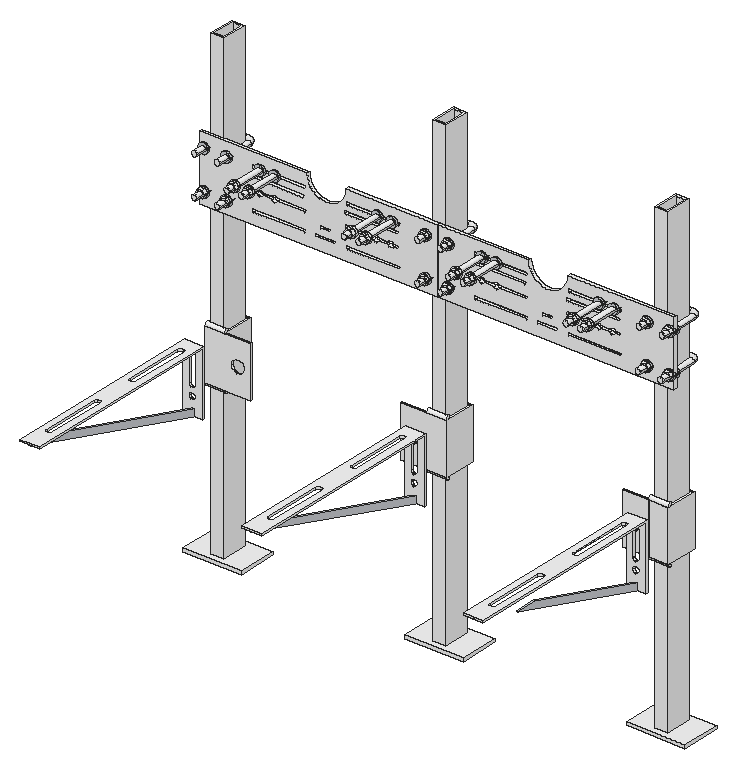
Revit family "Plumbing Fixture-Water_Closet_Carrier_Mifab_MC-35", category Plumbing Fixtures, host Face, Revit 2013
Parameters
  WFU = 0
  URL = "www.mifab.com"
  Model = "MC-35"
  Manufacturer = "MIFAB"
  Floor Drain Material = Paint - Sherwin Williams Paint - #952C2A - Bellwood Red
  Description = "Hanger Plate And Exposed Arm Lavatory Carrier With Three Uprights"
  Default Elevation = 0.000"
  Assembly Code = ""
Reference planes (in)
  plane 1 "Center (Front/Back)": y = 0
  plane 2: z = 0
  plane 3 "Center (Left/Right)": x = 0
Forms (in)
  Extrusion 1, solid, material "Paint - Sherwin Williams Paint - #952C2A - Bellwood Red" <- "Floor Drain Material"
    sketch origin (0, 0, 0.64334) x (1, 0, 0) y (0, 1, 0)
      loop
        line (-10.75, 1.5) -> (-10.75, -1.5) -> (-6.25, -1.5) -> (-6.25, 1.5) -> (-10.75, 1.5)
      loop
        line (10.75, 1.5) -> (6.25, 1.5) -> (6.25, -1.5) -> (10.75, -1.5) -> (10.75, 1.5)
      loop
        line (27.75, 1.5) -> (23.25, 1.5) -> (23.25, -1.5) -> (27.75, -1.5) -> (27.75, 1.5)
    from -0.64334 to -0.39334
  Extrusion 2, solid, material "Paint - Sherwin Williams Paint - #952C2A - Bellwood Red" <- "Floor Drain Material"
    sketch origin (0, 0, -0.64334) x (1, 0, 0) y (0, 1, 0)
      loop
        line (-9, 1) -> (-9, -1) -> (-8, -1) -> (-8, 1) -> (-9, 1)
      loop
        line (9, 1) -> (8, 1) -> (8, -1) -> (9, -1) -> (9, 1)
      loop
        line (-8.875, 0.875) -> (-8.875, -0.875) -> (-8.125, -0.875) -> (-8.125, 0.875) -> (-8.875, 0.875)
      loop
        line (8.875, 0.875) -> (8.125, 0.875) -> (8.125, -0.875) -> (8.875, -0.875) -> (8.875, 0.875)
      loop
        line (26, 1) -> (25, 1) -> (25, -1) -> (26, -1) -> (26, 1)
      loop
        line (25.875, 0.875) -> (25.125, 0.875) -> (25.125, -0.875) -> (25.875, -0.875) -> (25.875, 0.875)
    from 0.89334 to 36.64334
  Extrusion 3, solid, material "Paint - Sherwin Williams Paint - #952C2A - Bellwood Red" <- "Floor Drain Material"
    sketch origin (0.04675, -1.5, -10) x (1, 0, 0) y (0, 0, 1)
      loop
        line (-9.75, 39.14334) -> (-9.75, 34.14334) -> (8.51595, 34.14334) -> (8.51595, 39.14334) -> (1.5, 39.14334)
        arc (1.5, 39.14334) -> (0, 37.64334) -> (-1.5, 39.14334) r 1.5
        line (-1.5, 39.14334) -> (-9.75, 39.14334)
      loop
        circle (9.37144, 38.14334) r 0.25
      loop
        circle (7.62856, 38.14334) r 0.25
      loop
        circle (-9.37144, 38.14334) r 0.25
      loop
        circle (-7.62856, 38.14334) r 0.25
      loop
        line (5.54399, 38.26834) -> (5.275, 38.26834) -> (1.66899, 38.26834)
        arc (1.66899, 38.26834) -> (1.54399, 38.14334) -> (1.66899, 38.01834) r 0.125
        line (1.66899, 38.01834) -> (5.27785, 38.01834) -> (5.54399, 38.01834)
        arc (5.54399, 38.01834) -> (5.66899, 38.14334) -> (5.54399, 38.26834) r 0.125
      loop
        arc (-5.54399, 38.26834) -> (-5.66899, 38.14334) -> (-5.54399, 38.01834) r 0.125
        line (-5.54399, 38.01834) -> (-5.27785, 38.01834) -> (-1.66899, 38.01834)
        arc (-1.66899, 38.01834) -> (-1.54399, 38.14334) -> (-1.66899, 38.26834) r 0.125
        line (-1.66899, 38.26834) -> (-5.275, 38.26834) -> (-5.54399, 38.26834)
      loop
        circle (9.37144, 35.14334) r 0.25
      loop
        circle (7.62856, 35.14334) r 0.25
      loop
        circle (-9.37144, 35.14334) r 0.25
      loop
        circle (-7.62856, 35.14334) r 0.25
      loop
        arc (5.54399, 35.01834) -> (5.66899, 35.14334) -> (5.54399, 35.26834) r 0.125
        line (5.54399, 35.26834) -> (1.66899, 35.26834)
        arc (1.66899, 35.26834) -> (1.54399, 35.14334) -> (1.66899, 35.01834) r 0.125
        line (1.66899, 35.01834) -> (5.54399, 35.01834)
      loop
        line (-5.54399, 35.01834) -> (-3.725, 35.01834) -> (-1.66899, 35.01834)
        arc (-1.66899, 35.01834) -> (-1.54399, 35.14334) -> (-1.66899, 35.26834) r 0.125
        line (-1.66899, 35.26834) -> (-3.72215, 35.26834) -> (-5.54399, 35.26834)
        arc (-5.54399, 35.26834) -> (-5.66899, 35.14334) -> (-5.54399, 35.01834) r 0.125
      loop
        arc (-5.54399, 36.64334) -> (-5.66899, 36.51834) -> (-5.54399, 36.39334) r 0.125
        line (-5.54399, 36.39334) -> (-5.27785, 36.39334)
        arc (-5.27785, 36.39334) -> (-5.05994, 36.26587) -> (-4.84203, 36.39334) r 0.25
        line (-4.84203, 36.39334) -> (-4.15797, 36.39334)
        arc (-4.15797, 36.39334) -> (-3.94006, 36.26587) -> (-3.72215, 36.39334) r 0.25
        line (-3.72215, 36.39334) -> (-1.66899, 36.39334)
        arc (-1.66899, 36.39334) -> (-1.54399, 36.51834) -> (-1.66899, 36.64334) r 0.125
        line (-1.66899, 36.64334) -> (-3.725, 36.64334)
        arc (-3.725, 36.64334) -> (-3.94006, 36.76587) -> (-4.15512, 36.64334) r 0.25
        line (-4.15512, 36.64334) -> (-4.84488, 36.64334)
        arc (-4.84488, 36.64334) -> (-5.05994, 36.76587) -> (-5.275, 36.64334) r 0.25
        line (-5.275, 36.64334) -> (-5.54399, 36.64334)
      loop
        line (5.41405, 37.625) -> (5.14506, 37.625) -> (1.53905, 37.625)
        arc (1.53905, 37.625) -> (1.41405, 37.5) -> (1.53905, 37.375) r 0.125
        line (1.53905, 37.375) -> (5.14791, 37.375) -> (5.41405, 37.375)
        arc (5.41405, 37.375) -> (5.53905, 37.5) -> (5.41405, 37.625) r 0.125
      loop
        arc (-5.67393, 37.625) -> (-5.79893, 37.5) -> (-5.67393, 37.375) r 0.125
        line (-5.67393, 37.375) -> (-5.40779, 37.375) -> (-1.79893, 37.375)
        arc (-1.79893, 37.375) -> (-1.67393, 37.5) -> (-1.79893, 37.625) r 0.125
        line (-1.79893, 37.625) -> (-5.40494, 37.625) -> (-5.67393, 37.625)
      loop
        line (5.45049, 36.64334) -> (5.1815, 36.64334)
        arc (5.1815, 36.64334) -> (4.96643, 36.76587) -> (4.75137, 36.64334) r 0.25
        line (4.75137, 36.64334) -> (4.06162, 36.64334)
        arc (4.06162, 36.64334) -> (3.84656, 36.76587) -> (3.63149, 36.64334) r 0.25
        line (3.63149, 36.64334) -> (1.57549, 36.64334)
        arc (1.57549, 36.64334) -> (1.45049, 36.51834) -> (1.57549, 36.39334) r 0.125
        line (1.57549, 36.39334) -> (3.62864, 36.39334)
        arc (3.62864, 36.39334) -> (3.84656, 36.26587) -> (4.06447, 36.39334) r 0.25
        line (4.06447, 36.39334) -> (4.74852, 36.39334)
        arc (4.74852, 36.39334) -> (4.96643, 36.26587) -> (5.18435, 36.39334) r 0.25
        line (5.18435, 36.39334) -> (5.45049, 36.39334)
        arc (5.45049, 36.39334) -> (5.57549, 36.51834) -> (5.45049, 36.64334) r 0.125
      loop
        arc (-0.70997, 35.26834) -> (-0.83497, 35.14334) -> (-0.70997, 35.01834) r 0.125
        line (-0.70997, 35.01834) -> (0.61647, 35.01834)
        arc (0.61647, 35.01834) -> (0.74147, 35.14334) -> (0.61647, 35.26834) r 0.125
        line (0.61647, 35.26834) -> (-0.70997, 35.26834)
      loop
        arc (-0.32934, 35.95824) -> (-0.45434, 35.83324) -> (-0.32934, 35.70824) r 0.125
        line (-0.32934, 35.70824) -> (0.23583, 35.70824)
        arc (0.23583, 35.70824) -> (0.36083, 35.83324) -> (0.23583, 35.95824) r 0.125
        line (0.23583, 35.95824) -> (-0.32934, 35.95824)
    from -0.5 to -0.25
  Sweep 4, solid, material "Paint - Sherwin Williams Paint - #952C2A - Bellwood Red" <- "Floor Drain Material"
    path origin (0.04675, 0, -9.51645) x (1, 0, 0) y (0, 1, 0)
      loop
        line (-9.37144, -2.1899) -> (-9.37144, 0.8101)
        arc (-9.37144, 0.8101) -> (-9.2426, 1.12116) -> (-8.93154, 1.25) r 0.4399
        line (-8.93154, 1.25) -> (-8.06846, 1.25)
        arc (-8.06846, 1.25) -> (-7.7574, 1.12116) -> (-7.62856, 0.8101) r 0.4399
        line (-7.62856, 0.8101) -> (-7.62856, -2.1899)
    profile origin (-9.32469, -0.6899, -9.51645) x (-1, 0, 0) y (0, 0, 1)
      loop
        circle (0, 37.63699) r 0.2
  Sweep 5, solid, material "Paint - Sherwin Williams Paint - #952C2A - Bellwood Red" <- "Floor Drain Material"
    path origin (0.05085, 0.11634, -9.50995) x (-1, 0, 0) y (0, 1, 0)
      loop
        line (-9.37144, -2.1899) -> (-9.37144, 0.8101)
        arc (-9.37144, 0.8101) -> (-9.2426, 1.12116) -> (-8.93154, 1.25) r 0.4399
        line (-8.93154, 1.25) -> (-8.06846, 1.25)
        arc (-8.06846, 1.25) -> (-7.7574, 1.12116) -> (-7.62856, 0.8101) r 0.4399
        line (-7.62856, 0.8101) -> (-7.62856, -2.1899)
    profile origin (9.42229, -0.57356, -9.50995) x (-1, 0, 0) y (0, 0, 1)
      loop
        circle (0, 37.63699) r 0.2
  Extrusion 6, solid
    sketch origin (0.04675, 0, -8.12747) x (1, 0, 0) y (0, 0, 1)
      loop
        circle (-9.37144, 36.25) r 0.37861
      loop
        circle (-7.62856, 36.25) r 0.37861
      loop
        circle (7.62856, 36.25) r 0.37861
      loop
        circle (9.37144, 36.25) r 0.37861
    from 1.25 to 1.375
  Extrusion 7, solid
    sketch origin (0.04675, -2.25, -8.12747) x (1, 0, 0) y (0, 0, -1)
      loop
        circle (-9.37144, -36.25) r 0.37861
      loop
        circle (-7.62856, -36.25) r 0.37861
      loop
        circle (7.62856, -36.25) r 0.37861
      loop
        circle (9.37144, -36.25) r 0.37861
    from 1.25 to 1.375
  Extrusion 8, solid, material "Paint - Sherwin Williams Paint - #952C2A - Bellwood Red" <- "Floor Drain Material"
    sketch origin (0.04675, 0, -9.5) x (1, 0, 0) y (0, 0, 1)
      loop
        circle (-3.94006, 37.62253) r 0.2
      loop
        circle (-5.05994, 37.62253) r 0.2
      loop
        circle (3.94006, 37.62253) r 0.2
      loop
        circle (5.05994, 37.62253) r 0.2
    from 0.73281 to 4.48435
  Extrusion 9, solid, material "Paint - Sherwin Williams Paint - #952C2A - Bellwood Red" <- "Floor Drain Material"
    sketch origin (4.35826, -2.4273, -11.05033) x (1, 0, 0) y (0, 0, 1)
      loop
        line (-9.19891, 39.47169) -> (-9.54397, 39.47169) -> (-9.7165, 39.17286) -> (-9.54397, 38.87403) -> (-9.19891, 38.87403) -> (-9.02638, 39.17286) -> (-9.19891, 39.47169)
      loop
        circle (-9.37144, 39.17286) r 0.2
      loop
        line (-8.07903, 39.47169) -> (-8.42409, 39.47169) -> (-8.59662, 39.17286) -> (-8.42409, 38.87403) -> (-8.07903, 38.87403) -> (-7.90651, 39.17286) -> (-8.07903, 39.47169)
      loop
        circle (-8.25156, 39.17286) r 0.2
      loop
        line (-0.19891, 39.47169) -> (-0.54397, 39.47169) -> (-0.7165, 39.17286) -> (-0.54397, 38.87403) -> (-0.19891, 38.87403) -> (-0.02638, 39.17286) -> (-0.19891, 39.47169)
      loop
        circle (-0.37144, 39.17286) r 0.2
      loop
        line (0.92097, 39.47169) -> (0.57591, 39.47169) -> (0.40338, 39.17286) -> (0.57591, 38.87403) -> (0.92097, 38.87403) -> (1.09349, 39.17286) -> (0.92097, 39.47169)
      loop
        circle (0.74844, 39.17286) r 0.2
    from 1.375 to 1.625
  Extrusion 10, solid
    sketch origin (4.35826, 0, -11.05033) x (1, 0, 0) y (0, 0, 1)
      loop
        circle (-9.37144, 39.17286) r 0.37857
      loop
        circle (-8.25156, 39.17286) r 0.37857
      loop
        circle (-0.37144, 39.17286) r 0.37857
      loop
        circle (0.74844, 39.17286) r 0.37857
    from 1.25 to 1.375
  Extrusion 11, solid, material "Paint - Sherwin Williams Paint - #952C2A - Bellwood Red" <- "Floor Drain Material"
    sketch origin (4.35826, -2.43499, -11.05033) x (1, 0, 0) y (0, 0, 1)
      loop
        circle (-9.37144, 39.17286) r 0.37857
      loop
        circle (-8.25156, 39.17286) r 0.37857
      loop
        circle (-0.37144, 39.17286) r 0.37857
      loop
        circle (0.74844, 39.17286) r 0.37857
    from 1.25 to 1.375
  Extrusion 12, solid, material "Paint - Sherwin Williams Paint - #952C2A - Bellwood Red" <- "Floor Drain Material"
    sketch origin (0, 0, 0) x (1, 0, 0) y (0, 1, 0)
      loop
        line (-9.125, 1.125) -> (-9.125, -1.125) -> (-7.875, -1.125) -> (-7.875, 1.125) -> (-9.125, 1.125)
      loop
        line (-9.25, 1.25) -> (-9.25, -1.25) -> (-7.75, -1.25) -> (-7.75, 1.25) -> (-9.25, 1.25)
    from 15.9073 to 12
  Extrusion 13, solid, material "Paint - Sherwin Williams Paint - #952C2A - Bellwood Red" <- "Floor Drain Material"
    sketch origin (-9.25, 1.125, 0) x (0, 1, 0) y (0, 0, -1)
      loop
        arc (-2.375, -15.9073) -> (-2.30178, -16.08408) -> (-2.125, -16.1573) r 0.25
        line (-2.125, -16.1573) -> (-2.125, -16.0323)
        arc (-2.125, -16.0323) -> (-2.21339, -15.99569) -> (-2.25, -15.9073) r 0.125
        line (-2.25, -15.9073) -> (-2.375, -15.9073)
      loop
        arc (-2.25, -12) -> (-2.21339, -11.91161) -> (-2.125, -11.875) r 0.125
        line (-2.125, -11.875) -> (-2.125, -11.75)
        arc (-2.125, -11.75) -> (-2.30178, -11.82322) -> (-2.375, -12) r 0.25
        line (-2.375, -12) -> (-2.25, -12)
    from 0 to -1.5
  Extrusion 14, solid, material "Paint - Sherwin Williams Paint - #952C2A - Bellwood Red" <- "Floor Drain Material"
    sketch origin (-9.25, 1.125, 0) x (0, 1, 0) y (0, 0, -1)
      loop
        line (-20.125, -15.9073) -> (-4.375, -15.9073) -> (-4.375, -10.9073) -> (-4.5, -10.9073) -> (-4.5, -15.7823) -> (-20.125, -15.7823) -> (-20.125, -15.9073)
    from 0 to -1.5
  Extrusion 15, solid
    sketch origin (0, 0, 0) x (0, 1, 0) y (0, 0, 1)
      loop
        line (-3.375, 10.9073) -> (-3.375, 11.43107) -> (-17.32125, 15.7823) -> (-19, 15.7823) -> (-3.375, 10.9073)
    from -8.5625 to -8.4373
  Extrusion 16, void
    sketch origin (-9.25, -8.56169, 15.9073) x (0, 1, 0) y (-1, 0, 0)
      loop
        arc (3.97373, -1) -> (4.22373, -0.75) -> (3.97373, -0.5) r 0.25
        line (3.97373, -0.5) -> (-0.52627, -0.5)
        arc (-0.52627, -0.5) -> (-0.77627, -0.75) -> (-0.52627, -1) r 0.25
        line (-0.52627, -1) -> (3.97373, -1)
      loop
        arc (-4.02627, -1) -> (-3.77627, -0.75) -> (-4.02627, -0.5) r 0.25
        line (-4.02627, -0.5) -> (-8.52627, -0.5)
        arc (-8.52627, -0.5) -> (-8.77627, -0.75) -> (-8.52627, -1) r 0.25
        line (-8.52627, -1) -> (-4.02627, -1)
    from 0 to -1.44113
  Extrusion 17, void
    sketch origin (-9.25, -3.375, 11.35516) x (0, 0, 1) y (-1, 0, 0)
      loop
        arc (3.7543, -1) -> (4.0043, -0.75) -> (3.7543, -0.5) r 0.25
        line (3.7543, -0.5) -> (1.7543, -0.5)
        arc (1.7543, -0.5) -> (1.5043, -0.75) -> (1.7543, -1) r 0.25
        line (1.7543, -1) -> (3.7543, -1)
      loop
        circle (0.92242, -0.75) r 0.25
    from 0 to -1.42074
  Extrusion 18, solid, material "Paint - Sherwin Williams Paint - #952C2A - Bellwood Red" <- "Floor Drain Material"
    sketch origin (-7.46335, -1.25, -0.21027) x (-1, 0, 0) y (0, 0, -1)
      loop
        line (0.28665, -16.11757) -> (0.28665, -12.21027) -> (-1.71335, -12.21027) -> (-1.71335, -16.11757) -> (0.28665, -16.11757)
      loop
        circle (-0.72676, -14.18494) r 0.5
    from 0 to -0.125
  Extrusion 19, solid, material "Paint - Sherwin Williams Paint - #952C2A - Bellwood Red" <- "Floor Drain Material"
    sketch origin (7.75, 1.125, 0) x (0, 1, 0) y (0, 0, -1)
      loop
        line (-20.125, -15.9073) -> (-4.375, -15.9073) -> (-4.375, -10.9073) -> (-4.5, -10.9073) -> (-4.5, -15.7823) -> (-20.125, -15.7823) -> (-20.125, -15.9073)
    from 0 to -1.5
  Extrusion 20, solid
    sketch origin (17, 0, 0) x (0, 1, 0) y (0, 0, 1)
      loop
        line (-3.375, 10.9073) -> (-3.375, 11.43107) -> (-17.32125, 15.7823) -> (-19, 15.7823) -> (-3.375, 10.9073)
    from -8.5625 to -8.4373
  Extrusion 21, void
    sketch origin (7.75, -3.375, 11.35516) x (0, 0, 1) y (-1, 0, 0)
      loop
        arc (3.7543, -1) -> (4.0043, -0.75) -> (3.7543, -0.5) r 0.25
        line (3.7543, -0.5) -> (1.7543, -0.5)
        arc (1.7543, -0.5) -> (1.5043, -0.75) -> (1.7543, -1) r 0.25
        line (1.7543, -1) -> (3.7543, -1)
      loop
        circle (0.92242, -0.75) r 0.25
    from 0 to -1.42074
  Extrusion 22, void
    sketch origin (7.75, -8.56169, 15.9073) x (0, 1, 0) y (-1, 0, 0)
      loop
        arc (3.97373, -1) -> (4.22373, -0.75) -> (3.97373, -0.5) r 0.25
        line (3.97373, -0.5) -> (-0.52627, -0.5)
        arc (-0.52627, -0.5) -> (-0.77627, -0.75) -> (-0.52627, -1) r 0.25
        line (-0.52627, -1) -> (3.97373, -1)
      loop
        arc (-4.02627, -1) -> (-3.77627, -0.75) -> (-4.02627, -0.5) r 0.25
        line (-4.02627, -0.5) -> (-8.52627, -0.5)
        arc (-8.52627, -0.5) -> (-8.77627, -0.75) -> (-8.52627, -1) r 0.25
        line (-8.52627, -1) -> (-4.02627, -1)
    from 0 to -1.44113
  Extrusion 23, solid, material "Paint - Sherwin Williams Paint - #952C2A - Bellwood Red" <- "Floor Drain Material"
    sketch origin (7.46335, -1.25, -0.21027) x (1, 0, 0) y (0, 0, 1)
      loop
        line (0.28665, 16.11757) -> (-1.71335, 16.11757) -> (-1.71335, 12.21027) -> (0.28665, 12.21027) -> (0.28665, 16.11757)
      loop
        circle (-0.72676, 14.18494) r 0.5
    from 0 to -0.125
  Extrusion 24, solid, material "Paint - Sherwin Williams Paint - #952C2A - Bellwood Red" <- "Floor Drain Material"
    sketch origin (17, 0, 0) x (1, 0, 0) y (0, 1, 0)
      loop
        line (-9.125, 1.125) -> (-9.125, -1.125) -> (-7.875, -1.125) -> (-7.875, 1.125) -> (-9.125, 1.125)
      loop
        line (-9.25, 1.25) -> (-9.25, -1.25) -> (-7.75, -1.25) -> (-7.75, 1.25) -> (-9.25, 1.25)
    from 15.9073 to 12
  Extrusion 25, solid, material "Paint - Sherwin Williams Paint - #952C2A - Bellwood Red" <- "Floor Drain Material"
    sketch origin (7.75, 1.125, 0) x (0, 1, 0) y (0, 0, -1)
      loop
        arc (-2.375, -15.9073) -> (-2.30178, -16.08408) -> (-2.125, -16.1573) r 0.25
        line (-2.125, -16.1573) -> (-2.125, -16.0323)
        arc (-2.125, -16.0323) -> (-2.21339, -15.99569) -> (-2.25, -15.9073) r 0.125
        line (-2.25, -15.9073) -> (-2.375, -15.9073)
      loop
        arc (-2.25, -12) -> (-2.21339, -11.91161) -> (-2.125, -11.875) r 0.125
        line (-2.125, -11.875) -> (-2.125, -11.75)
        arc (-2.125, -11.75) -> (-2.30178, -11.82322) -> (-2.375, -12) r 0.25
        line (-2.375, -12) -> (-2.25, -12)
    from 0 to -1.5
  Extrusion 26, solid, material "Paint - Sherwin Williams Paint - #952C2A - Bellwood Red" <- "Floor Drain Material"
    sketch origin (17.04675, -1.5, -10) x (1, 0, 0) y (0, 0, 1)
      loop
        line (-8.48405, 39.14334) -> (-8.48405, 34.14334) -> (9.65649, 34.14334) -> (9.65649, 39.14334) -> (1.5, 39.14334)
        arc (1.5, 39.14334) -> (0, 37.64334) -> (-1.5, 39.14334) r 1.5
        line (-1.5, 39.14334) -> (-8.48405, 39.14334)
      loop
        circle (9.37144, 38.14334) r 0.25
      loop
        circle (7.62856, 38.14334) r 0.25
      loop
        circle (-9.37144, 38.14334) r 0.25
      loop
        circle (-7.62856, 38.14334) r 0.25
      loop
        line (5.54399, 38.26834) -> (5.275, 38.26834) -> (1.66899, 38.26834)
        arc (1.66899, 38.26834) -> (1.54399, 38.14334) -> (1.66899, 38.01834) r 0.125
        line (1.66899, 38.01834) -> (5.27785, 38.01834) -> (5.54399, 38.01834)
        arc (5.54399, 38.01834) -> (5.66899, 38.14334) -> (5.54399, 38.26834) r 0.125
      loop
        arc (-5.54399, 38.26834) -> (-5.66899, 38.14334) -> (-5.54399, 38.01834) r 0.125
        line (-5.54399, 38.01834) -> (-5.27785, 38.01834) -> (-1.66899, 38.01834)
        arc (-1.66899, 38.01834) -> (-1.54399, 38.14334) -> (-1.66899, 38.26834) r 0.125
        line (-1.66899, 38.26834) -> (-5.275, 38.26834) -> (-5.54399, 38.26834)
      loop
        circle (9.37144, 35.14334) r 0.25
      loop
        circle (7.62856, 35.14334) r 0.25
      loop
        circle (-9.37144, 35.14334) r 0.25
      loop
        circle (-7.62856, 35.14334) r 0.25
      loop
        arc (5.54399, 35.01834) -> (5.66899, 35.14334) -> (5.54399, 35.26834) r 0.125
        line (5.54399, 35.26834) -> (1.66899, 35.26834)
        arc (1.66899, 35.26834) -> (1.54399, 35.14334) -> (1.66899, 35.01834) r 0.125
        line (1.66899, 35.01834) -> (5.54399, 35.01834)
      loop
        line (-5.54399, 35.01834) -> (-3.725, 35.01834) -> (-1.66899, 35.01834)
        arc (-1.66899, 35.01834) -> (-1.54399, 35.14334) -> (-1.66899, 35.26834) r 0.125
        line (-1.66899, 35.26834) -> (-3.72215, 35.26834) -> (-5.54399, 35.26834)
        arc (-5.54399, 35.26834) -> (-5.66899, 35.14334) -> (-5.54399, 35.01834) r 0.125
      loop
        arc (-5.54399, 36.64334) -> (-5.66899, 36.51834) -> (-5.54399, 36.39334) r 0.125
        line (-5.54399, 36.39334) -> (-5.27785, 36.39334)
        arc (-5.27785, 36.39334) -> (-5.05994, 36.26587) -> (-4.84203, 36.39334) r 0.25
        line (-4.84203, 36.39334) -> (-4.15797, 36.39334)
        arc (-4.15797, 36.39334) -> (-3.94006, 36.26587) -> (-3.72215, 36.39334) r 0.25
        line (-3.72215, 36.39334) -> (-1.66899, 36.39334)
        arc (-1.66899, 36.39334) -> (-1.54399, 36.51834) -> (-1.66899, 36.64334) r 0.125
        line (-1.66899, 36.64334) -> (-3.725, 36.64334)
        arc (-3.725, 36.64334) -> (-3.94006, 36.76587) -> (-4.15512, 36.64334) r 0.25
        line (-4.15512, 36.64334) -> (-4.84488, 36.64334)
        arc (-4.84488, 36.64334) -> (-5.05994, 36.76587) -> (-5.275, 36.64334) r 0.25
        line (-5.275, 36.64334) -> (-5.54399, 36.64334)
      loop
        line (5.41405, 37.625) -> (5.14506, 37.625) -> (1.53905, 37.625)
        arc (1.53905, 37.625) -> (1.41405, 37.5) -> (1.53905, 37.375) r 0.125
        line (1.53905, 37.375) -> (5.14791, 37.375) -> (5.41405, 37.375)
        arc (5.41405, 37.375) -> (5.53905, 37.5) -> (5.41405, 37.625) r 0.125
      loop
        arc (-5.67393, 37.625) -> (-5.79893, 37.5) -> (-5.67393, 37.375) r 0.125
        line (-5.67393, 37.375) -> (-5.40779, 37.375) -> (-1.79893, 37.375)
        arc (-1.79893, 37.375) -> (-1.67393, 37.5) -> (-1.79893, 37.625) r 0.125
        line (-1.79893, 37.625) -> (-5.40494, 37.625) -> (-5.67393, 37.625)
      loop
        line (5.45049, 36.64334) -> (5.1815, 36.64334)
        arc (5.1815, 36.64334) -> (4.96643, 36.76587) -> (4.75137, 36.64334) r 0.25
        line (4.75137, 36.64334) -> (4.06162, 36.64334)
        arc (4.06162, 36.64334) -> (3.84656, 36.76587) -> (3.63149, 36.64334) r 0.25
        line (3.63149, 36.64334) -> (1.57549, 36.64334)
        arc (1.57549, 36.64334) -> (1.45049, 36.51834) -> (1.57549, 36.39334) r 0.125
        line (1.57549, 36.39334) -> (3.62864, 36.39334)
        arc (3.62864, 36.39334) -> (3.84656, 36.26587) -> (4.06447, 36.39334) r 0.25
        line (4.06447, 36.39334) -> (4.74852, 36.39334)
        arc (4.74852, 36.39334) -> (4.96643, 36.26587) -> (5.18435, 36.39334) r 0.25
        line (5.18435, 36.39334) -> (5.45049, 36.39334)
        arc (5.45049, 36.39334) -> (5.57549, 36.51834) -> (5.45049, 36.64334) r 0.125
      loop
        arc (-0.70997, 35.26834) -> (-0.83497, 35.14334) -> (-0.70997, 35.01834) r 0.125
        line (-0.70997, 35.01834) -> (0.61647, 35.01834)
        arc (0.61647, 35.01834) -> (0.74147, 35.14334) -> (0.61647, 35.26834) r 0.125
        line (0.61647, 35.26834) -> (-0.70997, 35.26834)
      loop
        arc (-0.32934, 35.95824) -> (-0.45434, 35.83324) -> (-0.32934, 35.70824) r 0.125
        line (-0.32934, 35.70824) -> (0.23583, 35.70824)
        arc (0.23583, 35.70824) -> (0.36083, 35.83324) -> (0.23583, 35.95824) r 0.125
        line (0.23583, 35.95824) -> (-0.32934, 35.95824)
    from -0.5 to -0.25
  Sweep 27, solid, material "Paint - Sherwin Williams Paint - #952C2A - Bellwood Red" <- "Floor Drain Material"
    path origin (17.05085, 0.11634, -9.50995) x (-1, 0, 0) y (0, 1, 0)
      loop
        line (-9.37144, -2.1899) -> (-9.37144, 0.8101)
        arc (-9.37144, 0.8101) -> (-9.2426, 1.12116) -> (-8.93154, 1.25) r 0.4399
        line (-8.93154, 1.25) -> (-8.06846, 1.25)
        arc (-8.06846, 1.25) -> (-7.7574, 1.12116) -> (-7.62856, 0.8101) r 0.4399
        line (-7.62856, 0.8101) -> (-7.62856, -2.1899)
    profile origin (26.42229, -0.57356, -9.50995) x (-1, 0, 0) y (0, 0, 1)
      loop
        circle (0, 37.63699) r 0.2
  Extrusion 28, solid
    sketch origin (17.04675, 0, -8.12747) x (1, 0, 0) y (0, 0, 1)
      loop
        circle (-9.37144, 36.25) r 0.37861
      loop
        circle (-7.62856, 36.25) r 0.37861
      loop
        circle (7.62856, 36.25) r 0.37861
      loop
        circle (9.37144, 36.25) r 0.37861
    from 1.25 to 1.375
  Extrusion 29, solid
    sketch origin (17.04675, -2.25, -8.12747) x (1, 0, 0) y (0, 0, -1)
      loop
        circle (-9.37144, -36.25) r 0.37861
      loop
        circle (-7.62856, -36.25) r 0.37861
      loop
        circle (7.62856, -36.25) r 0.37861
      loop
        circle (9.37144, -36.25) r 0.37861
    from 1.25 to 1.375
  Extrusion 30, solid, material "Paint - Sherwin Williams Paint - #952C2A - Bellwood Red" <- "Floor Drain Material"
    sketch origin (17.04675, 0, -8.12747) x (1, 0, 0) y (0, 0, 1)
      loop
        line (9.19891, 36.54883) -> (9.02638, 36.25) -> (9.19891, 35.95117) -> (9.54397, 35.95117) -> (9.7165, 36.25) -> (9.54397, 36.54883) -> (9.19891, 36.54883)
      loop
        line (7.45603, 36.54883) -> (7.2835, 36.25) -> (7.45603, 35.95117) -> (7.80109, 35.95117) -> (7.97362, 36.25) -> (7.80109, 36.54883) -> (7.45603, 36.54883)
      loop
        circle (9.37144, 36.25) r 0.2
      loop
        circle (7.62856, 36.25) r 0.2
      loop
        line (-9.19891, 36.54883) -> (-9.54397, 36.54883) -> (-9.7165, 36.25) -> (-9.54397, 35.95117) -> (-9.19891, 35.95117) -> (-9.02638, 36.25) -> (-9.19891, 36.54883)
      loop
        line (-7.45603, 36.54883) -> (-7.80109, 36.54883) -> (-7.97362, 36.25) -> (-7.80109, 35.95117) -> (-7.45603, 35.95117) -> (-7.2835, 36.25) -> (-7.45603, 36.54883)
      loop
        circle (-9.38944, 36.27126) r 0.2
      loop
        circle (-7.62856, 36.25) r 0.2
    from 1.375 to 1.625
  Extrusion 31, solid, material "Paint - Sherwin Williams Paint - #952C2A - Bellwood Red" <- "Floor Drain Material"
    sketch origin (17.04675, 0, -9.5) x (1, 0, 0) y (0, 0, 1)
      loop
        circle (-3.94006, 37.62253) r 0.2
      loop
        circle (-5.05994, 37.62253) r 0.2
      loop
        circle (3.94006, 37.62253) r 0.2
      loop
        circle (5.05994, 37.62253) r 0.2
    from 0.73281 to 4.48435
  Extrusion 32, solid, material "Paint - Sherwin Williams Paint - #952C2A - Bellwood Red" <- "Floor Drain Material"
    sketch origin (21.35826, -2.4273, -11.05033) x (1, 0, 0) y (0, 0, 1)
      loop
        line (-9.19891, 39.47169) -> (-9.54397, 39.47169) -> (-9.7165, 39.17286) -> (-9.54397, 38.87403) -> (-9.19891, 38.87403) -> (-9.02638, 39.17286) -> (-9.19891, 39.47169)
      loop
        circle (-9.37144, 39.17286) r 0.2
      loop
        line (-8.07903, 39.47169) -> (-8.42409, 39.47169) -> (-8.59662, 39.17286) -> (-8.42409, 38.87403) -> (-8.07903, 38.87403) -> (-7.90651, 39.17286) -> (-8.07903, 39.47169)
      loop
        circle (-8.25156, 39.17286) r 0.2
      loop
        line (-0.19891, 39.47169) -> (-0.54397, 39.47169) -> (-0.7165, 39.17286) -> (-0.54397, 38.87403) -> (-0.19891, 38.87403) -> (-0.02638, 39.17286) -> (-0.19891, 39.47169)
      loop
        circle (-0.37144, 39.17286) r 0.2
      loop
        line (0.92097, 39.47169) -> (0.57591, 39.47169) -> (0.40338, 39.17286) -> (0.57591, 38.87403) -> (0.92097, 38.87403) -> (1.09349, 39.17286) -> (0.92097, 39.47169)
      loop
        circle (0.74844, 39.17286) r 0.2
    from 1.375 to 1.625
  Extrusion 33, solid
    sketch origin (21.35826, 0, -11.05033) x (1, 0, 0) y (0, 0, 1)
      loop
        circle (-9.37144, 39.17286) r 0.37857
      loop
        circle (-8.25156, 39.17286) r 0.37857
      loop
        circle (-0.37144, 39.17286) r 0.37857
      loop
        circle (0.74844, 39.17286) r 0.37857
    from 1.25 to 1.375
  Extrusion 34, solid, material "Paint - Sherwin Williams Paint - #952C2A - Bellwood Red" <- "Floor Drain Material"
    sketch origin (21.35826, -2.43499, -11.05033) x (1, 0, 0) y (0, 0, 1)
      loop
        circle (-9.37144, 39.17286) r 0.37857
      loop
        circle (-8.25156, 39.17286) r 0.37857
      loop
        circle (-0.37144, 39.17286) r 0.37857
      loop
        circle (0.74844, 39.17286) r 0.37857
    from 1.25 to 1.375
  Extrusion 35, solid, material "Paint - Sherwin Williams Paint - #952C2A - Bellwood Red" <- "Floor Drain Material"
    sketch origin (24.75, 1.125, 0) x (0, 1, 0) y (0, 0, -1)
      loop
        line (-20.125, -15.9073) -> (-4.375, -15.9073) -> (-4.375, -10.9073) -> (-4.5, -10.9073) -> (-4.5, -15.7823) -> (-20.125, -15.7823) -> (-20.125, -15.9073)
    from 0 to -1.5
  Extrusion 36, solid
    sketch origin (34, 0, 0) x (0, 1, 0) y (0, 0, 1)
      loop
        line (-3.375, 10.9073) -> (-3.375, 11.43107) -> (-17.32125, 15.7823) -> (-19, 15.7823) -> (-3.375, 10.9073)
    from -8.5625 to -8.4373
  Extrusion 37, void
    sketch origin (24.75, -3.375, 11.35516) x (0, 0, 1) y (-1, 0, 0)
      loop
        arc (3.7543, -1) -> (4.0043, -0.75) -> (3.7543, -0.5) r 0.25
        line (3.7543, -0.5) -> (1.7543, -0.5)
        arc (1.7543, -0.5) -> (1.5043, -0.75) -> (1.7543, -1) r 0.25
        line (1.7543, -1) -> (3.7543, -1)
      loop
        circle (0.92242, -0.75) r 0.25
    from 0 to -1.42074
  Extrusion 38, void
    sketch origin (24.75, -8.56169, 15.9073) x (0, 1, 0) y (-1, 0, 0)
      loop
        arc (3.97373, -1) -> (4.22373, -0.75) -> (3.97373, -0.5) r 0.25
        line (3.97373, -0.5) -> (-0.52627, -0.5)
        arc (-0.52627, -0.5) -> (-0.77627, -0.75) -> (-0.52627, -1) r 0.25
        line (-0.52627, -1) -> (3.97373, -1)
      loop
        arc (-4.02627, -1) -> (-3.77627, -0.75) -> (-4.02627, -0.5) r 0.25
        line (-4.02627, -0.5) -> (-8.52627, -0.5)
        arc (-8.52627, -0.5) -> (-8.77627, -0.75) -> (-8.52627, -1) r 0.25
        line (-8.52627, -1) -> (-4.02627, -1)
    from 0 to -1.44113
  Extrusion 39, solid, material "Paint - Sherwin Williams Paint - #952C2A - Bellwood Red" <- "Floor Drain Material"
    sketch origin (24.46335, -1.25, -0.21027) x (1, 0, 0) y (0, 0, 1)
      loop
        line (0.28665, 16.11757) -> (-1.71335, 16.11757) -> (-1.71335, 12.21027) -> (0.28665, 12.21027) -> (0.28665, 16.11757)
      loop
        circle (-0.72676, 14.18494) r 0.5
    from 0 to -0.125
  Extrusion 40, solid, material "Paint - Sherwin Williams Paint - #952C2A - Bellwood Red" <- "Floor Drain Material"
    sketch origin (34, 0, 0) x (1, 0, 0) y (0, 1, 0)
      loop
        line (-9.125, 1.125) -> (-9.125, -1.125) -> (-7.875, -1.125) -> (-7.875, 1.125) -> (-9.125, 1.125)
      loop
        line (-9.25, 1.25) -> (-9.25, -1.25) -> (-7.75, -1.25) -> (-7.75, 1.25) -> (-9.25, 1.25)
    from 15.9073 to 12
  Extrusion 41, solid, material "Paint - Sherwin Williams Paint - #952C2A - Bellwood Red" <- "Floor Drain Material"
    sketch origin (24.75, 1.125, 0) x (0, 1, 0) y (0, 0, -1)
      loop
        arc (-2.375, -15.9073) -> (-2.30178, -16.08408) -> (-2.125, -16.1573) r 0.25
        line (-2.125, -16.1573) -> (-2.125, -16.0323)
        arc (-2.125, -16.0323) -> (-2.21339, -15.99569) -> (-2.25, -15.9073) r 0.125
        line (-2.25, -15.9073) -> (-2.375, -15.9073)
      loop
        arc (-2.25, -12) -> (-2.21339, -11.91161) -> (-2.125, -11.875) r 0.125
        line (-2.125, -11.875) -> (-2.125, -11.75)
        arc (-2.125, -11.75) -> (-2.30178, -11.82322) -> (-2.375, -12) r 0.25
        line (-2.375, -12) -> (-2.25, -12)
    from 0 to -1.5
  Extrusion 42, void
    sketch origin (24.75, -8.56169, 15.9073) x (0, 1, 0) y (-1, 0, 0)
      loop
        arc (3.97373, -1) -> (4.22373, -0.75) -> (3.97373, -0.5) r 0.25
        line (3.97373, -0.5) -> (-0.52627, -0.5)
        arc (-0.52627, -0.5) -> (-0.77627, -0.75) -> (-0.52627, -1) r 0.25
        line (-0.52627, -1) -> (3.97373, -1)
      loop
        arc (-4.02627, -1) -> (-3.77627, -0.75) -> (-4.02627, -0.5) r 0.25
        line (-4.02627, -0.5) -> (-8.52627, -0.5)
        arc (-8.52627, -0.5) -> (-8.77627, -0.75) -> (-8.52627, -1) r 0.25
        line (-8.52627, -1) -> (-4.02627, -1)
    from 0 to -0.125
  Sweep 43, solid, material "Paint - Sherwin Williams Paint - #952C2A - Bellwood Red" <- "Floor Drain Material"
    path origin (0.04675, 0, -12.51645) x (1, 0, 0) y (0, 1, 0)
      loop
        line (-9.37144, -2.1899) -> (-9.37144, 0.8101)
        arc (-9.37144, 0.8101) -> (-9.2426, 1.12116) -> (-8.93154, 1.25) r 0.4399
        line (-8.93154, 1.25) -> (-8.06846, 1.25)
        arc (-8.06846, 1.25) -> (-7.7574, 1.12116) -> (-7.62856, 0.8101) r 0.4399
        line (-7.62856, 0.8101) -> (-7.62856, -2.1899)
    profile origin (-9.32469, -0.6899, -12.51645) x (-1, 0, 0) y (0, 0, 1)
      loop
        circle (0, 37.63699) r 0.2
  Sweep 44, solid, material "Paint - Sherwin Williams Paint - #952C2A - Bellwood Red" <- "Floor Drain Material"
    path origin (0.05085, 0.11634, -12.50995) x (-1, 0, 0) y (0, 1, 0)
      loop
        line (-9.37144, -2.1899) -> (-9.37144, 0.8101)
        arc (-9.37144, 0.8101) -> (-9.2426, 1.12116) -> (-8.93154, 1.25) r 0.4399
        line (-8.93154, 1.25) -> (-8.06846, 1.25)
        arc (-8.06846, 1.25) -> (-7.7574, 1.12116) -> (-7.62856, 0.8101) r 0.4399
        line (-7.62856, 0.8101) -> (-7.62856, -2.1899)
    profile origin (9.42229, -0.57356, -12.50995) x (-1, 0, 0) y (0, 0, 1)
      loop
        circle (0, 37.63699) r 0.2
  Extrusion 45, solid
    sketch origin (0.04675, 0, -11.12747) x (1, 0, 0) y (0, 0, 1)
      loop
        circle (-9.37144, 36.25) r 0.37861
      loop
        circle (-7.62856, 36.25) r 0.37861
      loop
        circle (7.62856, 36.25) r 0.37861
      loop
        circle (9.37144, 36.25) r 0.37861
    from 1.25 to 1.375
  Extrusion 46, solid
    sketch origin (0.04675, -2.25, -11.12747) x (1, 0, 0) y (0, 0, -1)
      loop
        circle (-9.37144, -36.25) r 0.37861
      loop
        circle (-7.62856, -36.25) r 0.37861
      loop
        circle (7.62856, -36.25) r 0.37861
      loop
        circle (9.37144, -36.25) r 0.37861
    from 1.25 to 1.375
  Extrusion 47, solid, material "Paint - Sherwin Williams Paint - #952C2A - Bellwood Red" <- "Floor Drain Material"
    sketch origin (0.04675, 0, -11.12747) x (1, 0, 0) y (0, 0, 1)
      loop
        line (9.19891, 36.54883) -> (9.02638, 36.25) -> (9.19891, 35.95117) -> (9.54397, 35.95117) -> (9.7165, 36.25) -> (9.54397, 36.54883) -> (9.19891, 36.54883)
      loop
        line (7.45603, 36.54883) -> (7.2835, 36.25) -> (7.45603, 35.95117) -> (7.80109, 35.95117) -> (7.97362, 36.25) -> (7.80109, 36.54883) -> (7.45603, 36.54883)
      loop
        circle (9.37144, 36.25) r 0.2
      loop
        circle (7.62856, 36.25) r 0.2
      loop
        line (-9.19891, 36.54883) -> (-9.54397, 36.54883) -> (-9.7165, 36.25) -> (-9.54397, 35.95117) -> (-9.19891, 35.95117) -> (-9.02638, 36.25) -> (-9.19891, 36.54883)
      loop
        line (-7.45603, 36.54883) -> (-7.80109, 36.54883) -> (-7.97362, 36.25) -> (-7.80109, 35.95117) -> (-7.45603, 35.95117) -> (-7.2835, 36.25) -> (-7.45603, 36.54883)
      loop
        circle (-9.38944, 36.27126) r 0.2
      loop
        circle (-7.62856, 36.25) r 0.2
    from 1.375 to 1.625
  Extrusion 48, solid
    sketch origin (17.04675, 0, -11.12747) x (1, 0, 0) y (0, 0, 1)
      loop
        circle (-9.37144, 36.25) r 0.37861
      loop
        circle (-7.62856, 36.25) r 0.37861
      loop
        circle (7.62856, 36.25) r 0.37861
      loop
        circle (9.37144, 36.25) r 0.37861
    from 1.25 to 1.375
  Extrusion 49, solid
    sketch origin (17.04675, -2.25, -11.12747) x (1, 0, 0) y (0, 0, -1)
      loop
        circle (-9.37144, -36.25) r 0.37861
      loop
        circle (-7.62856, -36.25) r 0.37861
      loop
        circle (7.62856, -36.25) r 0.37861
      loop
        circle (9.37144, -36.25) r 0.37861
    from 1.25 to 1.375
  Extrusion 50, solid, material "Paint - Sherwin Williams Paint - #952C2A - Bellwood Red" <- "Floor Drain Material"
    sketch origin (17.04675, 0, -11.12747) x (1, 0, 0) y (0, 0, 1)
      loop
        line (9.19891, 36.54883) -> (9.02638, 36.25) -> (9.19891, 35.95117) -> (9.54397, 35.95117) -> (9.7165, 36.25) -> (9.54397, 36.54883) -> (9.19891, 36.54883)
      loop
        line (7.45603, 36.54883) -> (7.2835, 36.25) -> (7.45603, 35.95117) -> (7.80109, 35.95117) -> (7.97362, 36.25) -> (7.80109, 36.54883) -> (7.45603, 36.54883)
      loop
        circle (9.37144, 36.25) r 0.2
      loop
        circle (7.62856, 36.25) r 0.2
      loop
        line (-9.19891, 36.54883) -> (-9.54397, 36.54883) -> (-9.7165, 36.25) -> (-9.54397, 35.95117) -> (-9.19891, 35.95117) -> (-9.02638, 36.25) -> (-9.19891, 36.54883)
      loop
        line (-7.45603, 36.54883) -> (-7.80109, 36.54883) -> (-7.97362, 36.25) -> (-7.80109, 35.95117) -> (-7.45603, 35.95117) -> (-7.2835, 36.25) -> (-7.45603, 36.54883)
      loop
        circle (-9.38944, 36.27126) r 0.2
      loop
        circle (-7.62856, 36.25) r 0.2
    from 1.375 to 1.625
  Sweep 51, solid, material "Paint - Sherwin Williams Paint - #952C2A - Bellwood Red" <- "Floor Drain Material"
    path origin (34.04675, 0, -12.51645) x (1, 0, 0) y (0, 1, 0)
      loop
        line (-9.37144, -2.1899) -> (-9.37144, 0.8101)
        arc (-9.37144, 0.8101) -> (-9.2426, 1.12116) -> (-8.93154, 1.25) r 0.4399
        line (-8.93154, 1.25) -> (-8.06846, 1.25)
        arc (-8.06846, 1.25) -> (-7.7574, 1.12116) -> (-7.62856, 0.8101) r 0.4399
        line (-7.62856, 0.8101) -> (-7.62856, -2.1899)
    profile origin (24.67531, -0.6899, -12.51645) x (-1, 0, 0) y (0, 0, 1)
      loop
        circle (0, 37.63699) r 0.2
Cuts and joins
  joined: Extrusion 1, Extrusion 2, Extrusion 3, Sweep 4, Sweep 5, Extrusion 8, Extrusion 9, Extrusion 11
  joined: Extrusion 12, Extrusion 13, Extrusion 18
  Extrusion 16, Extrusion 17, Extrusion 21, Extrusion 22 cuts Extrusion 14
  Extrusion 22 cuts Extrusion 15
  Extrusion 21, Extrusion 22, Extrusion 37, Extrusion 38, Extrusion 42 cuts Extrusion 19
  joined: Extrusion 23, Extrusion 24, Extrusion 25
  Extrusion 37, Extrusion 42 cuts Extrusion 35
  Extrusion 38, Extrusion 42 cuts Extrusion 20
  Extrusion 38 cuts Extrusion 36
Lines and regions (in)
  model lines
    curve 1: line (-8.5, 0, 16.1573) -> (-8.5, 0, 10.9073)
    curve 2: line (-8.5625, 0, 16.1573) -> (-8.5625, 0, 10.9073)
  reference lines
    curve 3: line (-8.4373, 0, 10.9073) -> (-8.4373, 0, 16.1573)
Dimensions and locks (in)
  Extrusion 3 sketch curve to Extrusion 3 sketch curve = 5.000"
  Extrusion 2 to plane 3 "Center (Left/Right)" to Extrusion 2 = 9.000" locked, 9.000"
  locked: Extrusion 12 sketch curve to Extrusion 12 sketch curve at 2.25
  locked: Extrusion 12 sketch curve to Extrusion 12 sketch curve at 1.25
  locked: cut or joined group of Extrusion 1, Extrusion 2, Extrusion 3, Sweep 4, Sweep 5, Extrusion 8, Extrusion 9, Extrusion 11 to Extrusion 12 sketch curve at 0.125
  locked: Extrusion 12 sketch curve to cut or joined group of Extrusion 1, Extrusion 2, Extrusion 3, Sweep 4, Sweep 5, Extrusion 8, Extrusion 9, Extrusion 11 at 0.125
  locked: Extrusion 12 sketch curve to Extrusion 12 sketch curve at 0.125  (x2)
  locked: Extrusion 12 sketch curve to Extrusion 12 sketch curve at 1.5
  Extrusion 12 sketch curve to Extrusion 12 sketch curve = 2.500"
  locked: Extrusion 14 sketch curve to Extrusion 14 sketch curve at 0.125  (x2)
  locked: Extrusion 14 sketch curve to Extrusion 14 sketch curve at 5
  cut or joined group of Extrusion 12, Extrusion 13, Extrusion 18 to Extrusion 14 sketch curve = 2.000"
  locked: Extrusion 14 sketch curve to Extrusion 14 sketch curve at 15.75
  Extrusion 15 sketch curve to Extrusion 15 sketch curve = 0.500"
  curve 2 to curve 1 = 0.0625"
  curve 1 to curve 3 = 0.0627"
  locked: Extrusion 16 sketch curve to Extrusion 14 at 0.75
  locked: Extrusion 19 sketch curve to Extrusion 19 sketch curve at 0.125  (x2)
  locked: Extrusion 19 sketch curve to Extrusion 19 sketch curve at 5
  locked: Extrusion 19 sketch curve to Extrusion 19 sketch curve at 15.75
  Extrusion 20 sketch curve to Extrusion 20 sketch curve = 0.500"
  locked: Extrusion 24 sketch curve to Extrusion 24 sketch curve at 2.25
  locked: Extrusion 24 sketch curve to Extrusion 24 sketch curve at 1.25
  locked: Extrusion 24 sketch curve to Extrusion 24 sketch curve at 0.125  (x2)
  locked: Extrusion 24 sketch curve to Extrusion 24 sketch curve at 1.5
  Extrusion 24 sketch curve to Extrusion 24 sketch curve = 2.500"
  Extrusion 26 sketch curve to Extrusion 26 sketch curve = 5.000"
  locked: Extrusion 35 sketch curve to Extrusion 35 sketch curve at 0.125  (x2)
  locked: Extrusion 35 sketch curve to Extrusion 35 sketch curve at 5
  locked: Extrusion 35 sketch curve to Extrusion 35 sketch curve at 15.75
  Extrusion 36 sketch curve to Extrusion 36 sketch curve = 0.500"
  locked: Extrusion 40 sketch curve to Extrusion 40 sketch curve at 2.25
  locked: Extrusion 40 sketch curve to Extrusion 40 sketch curve at 1.25
  locked: Extrusion 40 sketch curve to Extrusion 40 sketch curve at 0.125  (x2)
  locked: Extrusion 40 sketch curve to Extrusion 40 sketch curve at 1.5
  Extrusion 40 sketch curve to Extrusion 40 sketch curve = 2.500"
  radius of cut or joined group of Extrusion 14, Extrusion 16, Extrusion 17, Extrusion 21, Extrusion 22 = 0.250"  (x2)
  aligned and locked: plane 2 to host face
  aligned and locked: level to host face
  aligned and locked: Extrusion 2 to Extrusion 1
  aligned and locked: Extrusion 3 to Extrusion 2
  aligned and locked: Extrusion 6 to Extrusion 3
  aligned and locked: Extrusion 1 to level
  aligned and locked: Extrusion 18 to cut or joined group of Extrusion 12, Extrusion 13, Extrusion 18  (x3)
  aligned and locked: cut or joined group of Extrusion 23, Extrusion 24, Extrusion 25 to cut or joined group of Extrusion 12, Extrusion 13, Extrusion 18
  aligned and locked: cut or joined group of Extrusion 19, Extrusion 21, Extrusion 22, Extrusion 37, Extrusion 38, Extrusion 42 to cut or joined group of Extrusion 23, Extrusion 24, Extrusion 25
  aligned and locked: cut or joined group of Extrusion 23, Extrusion 24, Extrusion 25 to cut or joined group of Extrusion 23, Extrusion 24, Extrusion 25
  aligned and locked: Extrusion 28 to Extrusion 26
  aligned and locked: Extrusion 30 to Extrusion 28
  aligned and locked: Extrusion 47 to Extrusion 45
  aligned and locked: Extrusion 50 to Extrusion 48
